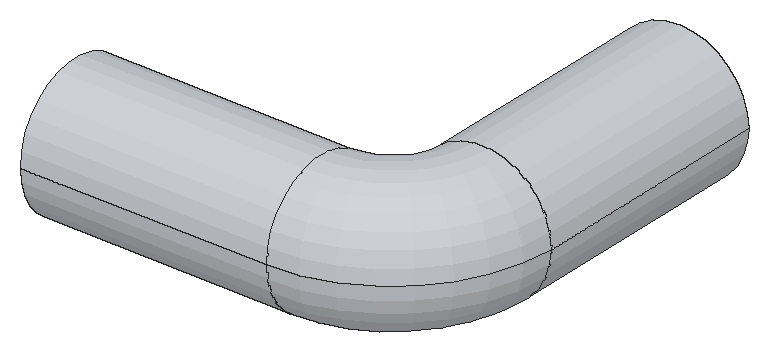
Revit family "M_電線管エルボ - 鉄鋼 - Arent", category Conduit Fittings, Revit 2022
Family settings
  Round Connector Dimension = Use Radius
  Part Type = Elbow
  OmniClass Number = 23.80.30.17.11
  OmniClass Title = Conduits
  Work Plane-Based = No
  Always vertical = Yes
  Cut with Voids When Loaded = No
  Shared = No
Parameters (values of type "Arent-標準")
  呼び半径 [instance] = 8 mm
  呼び径 [instance] = 呼び半径 * 2  # 16 mm
  継手外側半径 [instance] = 継手外径 / 2  # 10.668 mm
  継手外径 [instance] = size_lookup(電線管サイズの固定, "FOD", 1.06 * 呼び径 + 7.342 mm, 呼び径)  # 21.336 mm
  built-in parameter 1154647 = 0 mm
  電線管サイズの固定 = "M_Conduit Elbow - Plain End - PVC"
  電線管長さ [instance] = size_lookup(電線管サイズの固定, "CLgt", 0.46 * 呼び径 + 35.818 mm, 呼び径)  # 38.1 mm
  中心から終端 [instance] = 曲げ半径ラベル * tan(角度 / 2) + 電線管長さ  # 51.943 mm
  Default Elevation [instance] = 1 mm  # constant formula
  曲げ半径ラベル [instance] = if(Default Elevation > 継手外側半径 + 3.175 mm, Default Elevation, 継手外側半径 + 3.175 mm)  # 13.843 mm
  角度 [instance] = 90.00°
Reference planes
  plane 1 "中心(正面/背面)": y = 0
  plane 2: z = 0
  plane 3 "中心(左/右)": x = 0
  plane 4: x = -51.943
  plane 5: x = -13.843
  plane 6: y = 13.843
Forms (mm)
  Sweep 1, solid, detail levels fine
    path in 3D
      loop
        line (-51.943, 0, 0) -> (-13.843, 0, 0)
        arc (-13.843, 0, 0) -> (-4.055, 4.055, 0) -> (0, 13.843, 0) r 13.843
        line (0, 13.843, 0) -> (0, 51.943, 0)
    profile origin (-32.893, 0, 0) x (0, 1, 0) y (0, 0, 1)
      loop
        circle (0, 0) r 10.668
Lines and regions (mm)
  model lines, detail levels coarse+medium
    curve 1: arc (-13.843, 0, 0) -> (-4.055, 4.055, 0) -> (0, 13.843, 0) r 13.843
    curve 2: line (-51.943, 0, 0) -> (-13.843, 0, 0)
    curve 3: line (0, 13.843, 0) -> (0, 51.943, 0)
  sketch lines
    curve 4: line (-51.943, 0, 0) -> (-13.843, 0, 0)
    curve 5: arc (-13.843, 0, 0) -> (-4.055, 4.055, 0) -> (0, 13.843, 0) r 13.843
    curve 6: line (0, 13.843, 0) -> (0, 51.943, 0)
Dimensions and locks
  "中心から終端": plane 4 to plane 3 "中心(左/右)"
  "電線管長さ": plane 4 to plane 5
  "曲げ半径ラベル": plane 6 to plane 1 "中心(正面/背面)"
  "電線管長さ": curve 3 to curve 3
  "曲げ半径ラベル": radius of curve 1
  "継手外側半径": radius of Sweep 1 sketch curve
  "角度": angle curve 1 to curve 1
  "角度": angle plane 1 "中心(正面/背面)" to curve 3
  aligned and locked: plane 6 to curve 1
  aligned and locked: plane 5 to curve 1
  aligned and locked: plane 4 to curve 2
  aligned and locked: plane 5 to curve 2
  aligned and locked: plane 1 "中心(正面/背面)" to curve 2
Automatic sketch dimensions
  Sweep 1 sketch curve to profile plane = 0 mm  (x2)
Connectors
  cabletrayconduit at (-51.943, 0, 0), diameter 16, driven by "呼び半径", driven by "角度"
    settings: on Sweep 1, index 1, connector width 304.8 mm, connector height 304.8 mm, connector angle 90.00°, system type 32, placement type 0, profile type 0, connector reference index 2, is primary connector yes, connector utility param no, connector description ""
  cabletrayconduit at (0, 51.943, 0), diameter 16, driven by "呼び半径", driven by "角度"
    settings: on Sweep 1, index 2, connector width 304.8 mm, connector height 304.8 mm, connector angle 90.00°, system type 32, placement type 0, profile type 0, connector reference index 1, is primary connector no, connector utility param no, connector description ""
